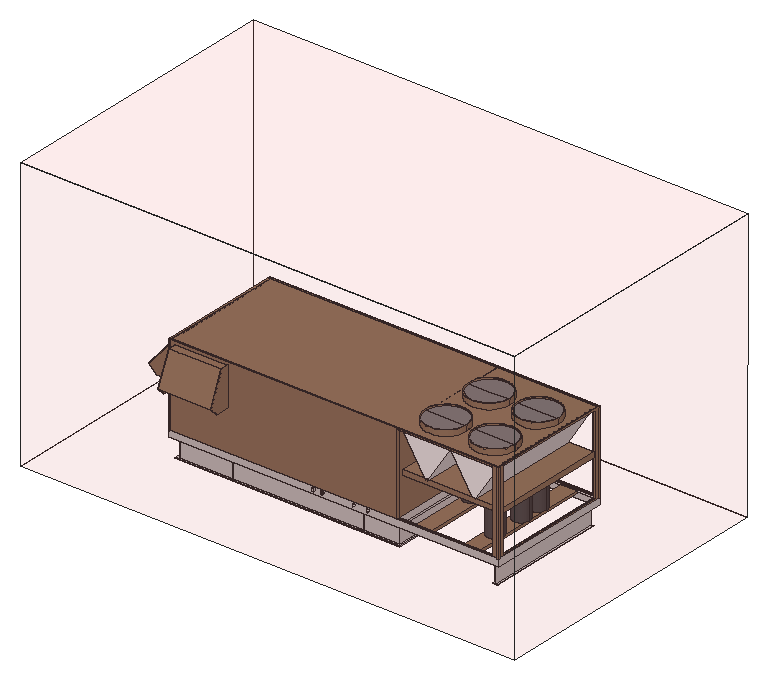
Revit family
Parameters (values of type "25 Ton - A - C - N - 208V")
  Width = 92"  # constant formula
  Voltage = 208 V
  URL = "www.johnsoncontrols.com"
  Temperature Rise Range [instance] = 0 °F
  Supply Fan HP = 0 VA
  Supply Fan Full Load Current = 0 A
  Supply Air Connection Width = 71 39/64"  # constant formula
  Supply Air Connection Height = 26"  # constant formula
  Supply Air Connection Description = "Supply Air"  # constant formula
  Steady State Efficiency [instance] = 0
  Static Resistance [instance] = -0.14
  Standard Capacity Evaporator [instance] = "12.3"
  Serial Number [instance] = ""
  Seasonal Energy Efficiency Rating [instance] = 0
  Right Detail Component Width = Width - 8"  # 84"
  Return Air Dry Bulb Temperature [instance] = 68 °F
  Return Air Connection Width = Curb Width - (Curb Thicknes * 2)  # 83"
  Return Air Connection Height = 38 151/256"  # constant formula
  Return Air Connection Description = "Return Air"  # constant formula
  Refrigerant Used = "R-410A"  # constant formula
  Refrigerant Charge System Two = 12.00 lbf
  Refrigerant Charge System Three = 10.00 lbf
  Refrigerant Charge System One = 12.00 lbf
  Refrigerant Charge System Four = 10.00 lbf
  Propane [instance] = not(Natural Gas)  # no
  Product Page URL = "http://www.johnsoncontrols.com/publish/us/en/products/building_efficiency/integrated_hvac_systems/Industrial___Commercial_HVAC_Equipment/single-package_units/series_40.html"
  Product Documentation Link = "http://www.johnsoncontrols.com/publish/etc/medialib/jci/be/commercial/products/industrial___commercial/single-package_units.Par.8585.File.dat/series%2040%20-V%20series.pdf"
  Power Factor = 1  # constant formula
  Power Exhaust Width = 59 133/256"  # constant formula
  Power Exhaust [instance] = no
  Power Convenience Outlet Description [instance] = if(Power Convenience Outlet, "Convenience Outlet Power", "Disable")  # "Convenience Outlet Power"
  Power Convenience Outlet [instance] = yes
  Power Connector Description = "Equipment Power"  # constant formula
  Outdoor Ambient Temperature [instance] = 75 °F
  Outdoor Air Wet Bulb Temperature [instance] = 57 °F
  Operating Weight = 4410.00 lbf
  OmniClass Title = "Packaged Rooftop Air Conditioning Units"  # constant formula
  OmniClass Number = "23.75.10.24.21.27.14"  # constant formula
  Number of Poles = 3
  Nominal Cooling Capacity = 25.0 ton
  Natural Gas [instance] = yes
  Model = "V32AN"
  Maximum Overcurrent Protection = 0 A
  Manufacturer = "Johnson Controls, Inc."  # constant formula
  Length = 240"  # constant formula
  Keynote = "15700"
  Integrated Part Load Value = 0
  Hot Gas By Pass [instance] = no
  Height = 64"  # constant formula
  Gas Heating Performance MBH Output = 560000 Btu/h
  Gas Heating Performance MBH Input = 466000 Btu/h
  Gas Heat Option = "N3"
  Gas Connector Offset Front Minimum [instance] = 12"  # constant formula
  Gas Connector Offset Front [instance] = 12"
  Gas Connector Description = "Supply Gas"  # constant formula
  Gas Connection Radius = Gas Connection Diameter / 2  # 1 13/16"
  Gas Connection Diameter = 3 5/8"  # constant formula
  Frame Material = Metal - JCI - Steel - Galvanized With Wood Nailer
  Frame Finish = Paint - JCI - Powder Coated - Champagne
  Filter Type = "2\" TA"
  Filter Size and Quantity = "4 / 16 x 25 & 6 / 20 x 25"  # constant formula
  Filter Face Area = 30.40 SF  # constant formula
  Family Revision Date = "06/18/2010"  # constant formula
  Exhaust Fan Type = "FC"  # constant formula
  Exhaust Fan Quantity = 1
  Exhaust Fan HP [instance] = 0 VA
  Exhaust Fan Drive = "Belt Drive"
  Exhaust Air Flow = 0 CFM
  Exhaust Air Blower Full Load Current [instance] = 0 A
  Evaporator Coil Row Count = 2
  Evaporator Coil Fins per Inch = 16  # constant formula
  Evaporator Coil Face Area = 26.00 SF
  Economizer Damper Hood Right [instance] = not(Economizer Damper Hood Left)  # yes
  Detail Component Screen Height = Height - 5 5/8"  # 58 3/8"
  External Static Pressure [instance] = 0.00 in-wg
  Energy Efficiency Rating = 10.5
  Economizer Damper Hood Left [instance] = no
  Design Supply Air Flow [instance] = 0 CFM
  Description = "Air Handling Unit, Commercial Comfort Systems, Series 40, Cooling And Gas Heating-Bottor Return And Bottom Supply - 25 to 40 Ton Unit"  # constant formula
  Curb Width = 87"  # constant formula
  Curb Thicknes = 2"  # constant formula
  Curb Metal Gauge = 1/8"  # constant formula
  Curb Length = 235"  # constant formula
  Curb Height [instance] = 14"
  Curb Material = Metal - JCI - Steel - Galvanized With Wood Nailer
  Curb Exists [instance] = yes
  Copyright © = "Copyright © 2001-2009 Johnson Controls"  # constant formula
  Convenience Outlet Voltage [instance] = if(Power Convenience Outlet, 115 V, 0 V)  # 115 V
  Convenience Outlet Full Load Current = 0 A
  Power Connection Radius = 1 1/4"  # constant formula
  Condenser Fan Quantity = 4
  Condenser Fan HP = 0 VA
  Condenser Fan Full Load Current = 0 A
  Condenser Fan Drive Type = "Belt Drive"
  Condenser Fan Diameter = 30"
  Condenser Coils Fins per Inch = 0
  Condenser Coil Rows = 0
  Condenser Coil Material = Metal - JCI - Aluminum - Perforated - Micro Channel
  Condensate Drain Flow [instance] = 0 GPM
  Condensate Drain Connection Radius = Condensate Drain Connection Diameter / 2  # 3/4"
  Condensate Drain Connection Diameter = 1 1/2"  # constant formula
  Condensate Drain Connection Description = "Condensate Drain"  # constant formula
  Compressor Type = "Scroll"  # constant formula
  Compressor Size = "5.7 Tons"
  Compressor Running Load Current = 0 A
  Compressor Quantity = 4
  Compressor Maximum Continuous Current = 0 A
  Compressor Material = Metal - JCI - Cast Iron - Coated Black
  Compressor Locked Rotor Current = 0 A
  Clearance Top = 120"
  Clearance Right = 60"
  Clearance Left = 60"
  Clearance Front = 60"
  Clearance Bottom [instance] = if(Curb Exists, CTRL Curb Height, 0")  # 14"
  Clearance Back = 60"
  Clearance [instance] = Include Clearance : Include Clearance
  CTRL Gas Connetor Offset Front [instance] = if(Gas Connector Offset Front < Gas Connector Offset Front Minimum, Gas Connector Offset Front Minimum, Gas Connector Offset Front)  # 12"
  CTRL Curb Height [instance] = if(Curb Exists, if(Curb Height < 9", 8", 14"), 0")  # 14"
  Assembly Code = "D3050200"
  Actual Supply Gas Connection Flow [instance] = 0 GPM
  Actual Supply Air Flow [instance] = 0 CFM
  Actual Return Air Flow [instance] = 0 CFM
Reference planes (in)
  plane 1 "Center (Front/Back)": y = 0
  plane 2 "Curb Bottom": z = 0
  plane 3 "Center (Left/Right)": x = 0
  plane 4 "Curb Left": x = -117.5
  plane 5 "Curb Right": x = 117.5
  plane 6 "Curb Front": y = -43.5
  plane 7 "Curb Back": y = 43.5
  plane 8 "Return Air Left": x = -115.5
  plane 9 "Right Rail Center L/R": x = 115.5
  plane 10 "Return Air Front": y = -41.5
  plane 11 "Return Air Back": y = 41.5
  plane 12 "Curb Top": z = 14
  plane 13 "Curb Top Offset": z = 12.5
  plane 14 "Return Air Right": x = -76.91016
  plane 15 "Return Air Right Inset": x = -74.91016
  plane 16 "Supply Air Left": x = 18.17984
  plane 17 "Supply Air Right'": x = 44.17984
  plane 18 "Supply Air Right Offset": x = 46.17984
  plane 19 "Supply Air Left Offset": x = 16.17984
  plane 20 "Supply Air Front": y = -30.10938
  plane 21 "Supply Air Front Offset": y = -32.10938
  plane 22 "Right Rail Left": x = 113.5
  plane 23 "Right": x = 120
  plane 24 "Left": x = -120
  plane 25 "Back": y = 46
  plane 26 "Front": y = -46
  plane 27 "Center of Drain Connection L/R": x = -39.07
  plane 28 "Top of Base": z = 18.625
  plane 29 "Drain Center T/B": z = 16.3125
  plane 30 "Drain Back": y = 47
  plane 31 "Flanged Drain Left": x = -42.195
  plane 32 "Flanged Drain Right": x = -35.945
  plane 33 "Center of Electrical Connection L/R": x = -8.5
  plane 34 "Center of Electrical Connection F/B": y = -39.54
  plane 35 "Center of Connection Holes T/B": z = 17.0625
  plane 36 "Supply Gas F/B": y = -34
  plane 37 "Gas Connection Right": x = 25.025
  plane 38 "Power Exhaust Bottom": z = 21.94
  plane 39 "Top": z = 78
  plane 40 "Top Inset": z = 77.5
  plane 41 "Center (Elevation)": z = 46
  plane 42 "Top of Economizer Rain Hood": z = 76
  plane 43 "Right Condenser Fans": x = 99.66996
  plane 44 "Center of Condenser Fans L/R": x = 81.83992
  plane 45 "Left Condenser Fans": x = 64.00988
  plane 46 "Rear Condenser Fans": y = 15.33333
  plane 47 "Front Condenser Fans": y = -23.97667
  plane 48 "Bottom of Mash": z = 19.125
  plane 49 "Power Convenience Outlet Center L/R": x = -14.5
  plane 50 "Power Convenience Outlet Right": x = -13.75
  plane 51 "Power Convenience Outlet Left": x = -15.25
  plane 52 "Power Convenience Outlet Bottom": z = 16.0625
  plane 53 "Power Convenience Outlet Top": z = 18.0625
  plane 54 "Power Convenience Outlet Front": y = -46.75
  plane 55 "Return Center": x = -96.20508
  plane 56 "Supply Center": x = 31.17984
  plane 57 "Supply Middle": y = 5.69519
Forms (in)
  Sweep 1, solid, material "Metal - JCI - Steel - Galvanized With Wood Nailer" <- "Curb Material", visible <- "Curb Exists", detail levels fine
    path origin (0, 0, 0) x (1, 0, 0) y (0, 1, 0)
      loop
        line (-115.5, 41.5) -> (-115.5, -41.5) -> (44.17984, -41.5) -> (44.17984, 41.5) -> (-115.5, 41.5)
    profile origin (-35.66008, 41.5, 0) x (0, 1, 0) y (0, 0, 1)
      loop
        line (0, 0) -> (2, 0) -> (2, 0.125) -> (0.125, 0.125) -> (0.125, 13.875) -> (1.875, 13.875) -> (1.875, 12.5) -> (2, 12.5) -> (2, 14) -> (0, 14) -> (0, 0)
  Extrusion 2, solid, material "Metal - JCI - Steel - Galvanized With Wood Nailer" <- "Curb Material", visible <- "Curb Exists", detail levels fine
    sketch origin (0, 0, 0) x (1, 0, 0) y (0, 0, 1)
      loop
        line (16.17984, 12.5) -> (16.30484, 12.5) -> (16.30484, 13.875) -> (18.05484, 13.875) -> (18.05484, 0.125) -> (16.17984, 0.125) -> (16.17984, 0) -> (18.17984, 0) -> (18.17984, 14) -> (16.17984, 14) -> (16.17984, 12.5)
      loop
        line (-74.91016, 12.5) -> (-74.91016, 14) -> (-76.91016, 14) -> (-76.91016, 0) -> (-74.91016, 0) -> (-74.91016, 0.125) -> (-76.78516, 0.125) -> (-76.78516, 13.875) -> (-75.03516, 13.875) -> (-75.03516, 12.5) -> (-74.91016, 12.5)
    from -41.5 to 41.5
  Extrusion 3, solid, material "Metal - JCI - Steel - Galvanized With Wood Nailer" <- "Curb Material", visible <- "Curb Exists", detail levels fine
    sketch origin (0, 0, 0) x (0, 1, 0) y (0, 0, 1)
      loop
        line (-32.10938, 0.125) -> (-32.10938, 0) -> (-30.10938, 0) -> (-30.10938, 14) -> (-32.10938, 14) -> (-32.10938, 12.5) -> (-31.98438, 12.5) -> (-31.98438, 13.875) -> (-30.23438, 13.875) -> (-30.23438, 0.125) -> (-32.10938, 0.125)
    from 18.17984 to 44.17984
  Extrusion 4, solid, material "Metal - JCI - Steel - Galvanized With Wood Nailer" <- "Curb Material", visible <- "Curb Exists", detail levels fine
    sketch origin (0, 0, 0) x (1, 0, 0) y (0, 0, 1)
      loop
        line (113.5, 0.125) -> (113.5, 0) -> (117.5, 0) -> (117.5, 0.125) -> (115.625, 0.125) -> (115.625, 13.875) -> (117.375, 13.875) -> (117.375, 12.5) -> (117.5, 12.5) -> (117.5, 14) -> (113.5, 14) -> (113.5, 12.5) -> (113.625, 12.5) -> (113.625, 13.875) -> (115.375, 13.875) -> (115.375, 0.125) -> (113.5, 0.125)
    from -43.5 to 43.5
  Extrusion 5, solid, material "Metal - JCI - Steel - Galvanized With Wood Nailer" <- "Curb Material", visible <- "Curb Exists", detail levels medium
    sketch origin (0, 0, 12.5) x (-1, 0, 0) y (0, -1, 0)
      loop
        line (117.5, -43.5) -> (117.5, 43.5) -> (-46.17984, 43.5) -> (-46.17984, -43.5) -> (117.5, -43.5)
      loop
        line (-113.5, -43.5) -> (-113.5, 43.5) -> (-117.5, 43.5) -> (-117.5, -43.5) -> (-113.5, -43.5)
      loop
        line (115.5, -41.5) -> (115.5, 41.5) -> (76.91016, 41.5) -> (76.91016, -41.5) -> (115.5, -41.5)
      loop
        line (-18.17984, -41.5) -> (-18.17984, 30.10938) -> (-44.17984, 30.10938) -> (-44.17984, -41.5) -> (-18.17984, -41.5)
    from -12.5 to 1.5
  Revolve 6, solid, material "Metal - JCI - Steel - Galvanized With Wood Nailer" <- "Curb Material", detail levels medium+fine
    sketch origin (0, 0, 16.3125) x (-1, 0, 0) y (0, -1, 0)
      loop
        line (39.07, -47) -> (39.07, -46) -> (38.32, -46) -> (38.32, -47) -> (39.07, -47)
      axis (39.07, -46) -> (39.07, -47)
    angle from 0 to 360
  Extrusion 7, solid, material "Metal - JCI - Steel - Galvanized With Wood Nailer" <- "Curb Material", detail levels medium+fine
    sketch origin (0, -43.5, 0) x (-1, 0, 0) y (0, 0, 1)
      loop
        line (42.195, 18.625) -> (35.945, 18.625) -> (35.945, 14) -> (42.195, 14) -> (42.195, 18.625)
      loop
        circle (39.07, 16.3125) r 0.75
    from 89.5 to 89.57955
  Extrusion 8, solid, material "Metal - JCI - Steel - Galvanized With Wood Nailer" <- "Frame Material", visible <- "Power Convenience Outlet", detail levels fine
    sketch origin (0, -43.5, 0) x (-1, 0, 0) y (0, 0, 1)
      loop
        circle (8.5, 17.0625) r 1.25
    from -2.5 to 3.96
  Extrusion 9, void
    sketch origin (0, 0, 16.3125) x (-1, 0, 0) y (0, -1, 0)
      loop
        line (-18.17984, -41.5) -> (-18.17984, 30.10938) -> (-44.17984, 30.10938) -> (-44.17984, -41.5) -> (-18.17984, -41.5)
    from -3.8125 to -2.3125
  Extrusion 10, void
    sketch origin (0, 0, 16.3125) x (-1, 0, 0) y (0, -1, 0)
      loop
        line (115.5, -41.5) -> (115.5, 41.5) -> (76.91016, 41.5) -> (76.91016, -41.5) -> (115.5, -41.5)
    from -3.8125 to -2.3125
  Extrusion 11, void
    sketch origin (0, 0, 16.3125) x (-1, 0, 0) y (0, -1, 0)
      loop
        circle (-25.025, 34) r 1.8125
    from -3.8125 to 2.3125
  Extrusion 12, solid, material "Metal - JCI - Steel - Galvanized With Wood Nailer" <- "Frame Material", visible <- "Power Convenience Outlet", detail levels medium+fine
    sketch origin (0, -46, 0) x (-1, 0, 0) y (0, 0, 1)
      loop
        line (15.25, 18.0625) -> (13.75, 18.0625) -> (13.75, 16.0625) -> (15.25, 16.0625) -> (15.25, 18.0625)
    from -0.75 to 0
Lines and regions (in)
  Masking region 1
    outline origin (0, 0, 0) x (1, 0, 0) y (0, 0, 1)
      loop
        line (113.5, 14) -> (113.5, 0) -> (117.5, 0) -> (117.5, 14) -> (113.5, 14)
      loop
        line (-117.5, 14) -> (-117.5, 0) -> (46.17984, 0) -> (46.17984, 14) -> (-117.5, 14)
  Masking region 2
    outline origin (0, 0, 0) x (0, 1, 0) y (0, 0, 1)
      loop
        line (-43.5, 14) -> (-43.5, 0) -> (43.5, 0) -> (43.5, 14) -> (-43.5, 14)
  Masking region 3, visible <- "Power Convenience Outlet", detail levels medium+fine
    outline origin (-14.5, 0, 0) x (0, -1, 0) y (0, 0, 1)
      loop
        line (46.75, 18.0625) -> (46, 18.0625) -> (46, 16.0625) -> (46.75, 16.0625) -> (46.75, 18.0625)
  Masking region 4, visible <- "Power Convenience Outlet"
    outline origin (0, -46, 0) x (-1, 0, 0) y (0, 0, 1)
      loop
        line (15.25, 18.0625) -> (13.75, 18.0625) -> (13.75, 16.0625) -> (15.25, 16.0625) -> (15.25, 18.0625)
  Masking region 5, visible <- "Power Convenience Outlet", detail levels medium+fine
    outline origin (0, 0, 17.0625) x (-1, 0, 0) y (0, -1, 0)
      loop
        line (15.25, 46) -> (15.25, 46.75) -> (13.75, 46.75) -> (13.75, 46) -> (15.25, 46)
  Masking region 6, detail levels medium+fine
    outline origin (-39.07, 0, 0) x (0, -1, 0) y (0, 0, 1)
      loop
        line (-46, 17.0625) -> (-47, 17.0625) -> (-47, 15.5625) -> (-46, 15.5625) -> (-46, 17.0625)
  Masking region 7, detail levels medium+fine
    outline origin (0, 0, 17.0625) x (-1, 0, 0) y (0, -1, 0)
      loop
        line (39.82, -47) -> (39.82, -46) -> (38.32, -46) -> (38.32, -47) -> (39.82, -47)
  model lines, style "Roof Curv", visible <- "Curb Exists", detail levels coarse
    curve 1: line (-117.5, 43.5, 0) -> (46.17984, 43.5, 0)
    curve 2: line (-117.5, 43.5, 0) -> (-117.5, -43.5, 0)
    curve 3: line (-117.5, -43.5, 0) -> (46.17984, -43.5, 0)
    curve 4: line (46.17984, 43.5, 0) -> (46.17984, -43.5, 0)
    curve 5: line (115.5, 43.5, 0) -> (115.5, -43.5, 0)
    curve 6: line (-117.5, 43.5, 14) -> (46.17984, 43.5, 14)
    curve 7: line (-117.5, -43.5, 14) -> (46.17984, -43.5, 14)
    curve 8: line (46.17984, 43.5, 14) -> (46.17984, -43.5, 14)
    curve 9: line (-117.5, 43.5, 14) -> (-117.5, -43.5, 14)
    curve 10: line (115.5, 43.5, 14) -> (115.5, -43.5, 14)
    curve 11: line (113.5, -43.5, 14) -> (117.5, -43.5, 14)
    curve 12: line (113.5, 43.5, 14) -> (117.5, 43.5, 14)
    curve 13: line (113.5, 43.5, 0) -> (117.5, 43.5, 0)
    curve 14: line (113.5, -43.5, 0) -> (117.5, -43.5, 0)
    curve 15: line (117.5, 43.5, 14) -> (117.5, 43.5, 12.5)
    curve 16: line (113.5, 43.5, 14) -> (113.5, 43.5, 12.5)
    curve 17: line (115.5, 43.5, 14) -> (115.5, 43.5, 0)
    curve 18: line (113.5, -43.5, 14) -> (113.5, -43.5, 12.5)
    curve 19: line (117.5, -43.5, 14) -> (117.5, -43.5, 12.5)
    curve 20: line (115.5, -43.5, 14) -> (115.5, -43.5, 0)
    curve 21: line (113.5, 43.5, 0) -> (113.5, -43.5, 0)
    curve 22: line (117.5, 43.5, 0) -> (117.5, -43.5, 0)
    curve 23: line (113.5, 43.5, 14) -> (113.5, -43.5, 14)
    curve 24: line (117.5, 43.5, 14) -> (117.5, -43.5, 14)
    curve 25: line (117.5, 43.5, 12.5) -> (117.5, -43.5, 12.5)
    curve 26: line (113.5, -43.5, 12.5) -> (113.5, 43.5, 12.5)
    curve 27: line (44.17984, 41.5, 14) -> (44.17984, 41.5, 0)
    curve 28: line (-115.5, 41.5, 14) -> (-115.5, 41.5, 0)
    curve 29: line (-115.5, -41.5, 14) -> (-115.5, -41.5, 0)
    curve 30: line (44.17984, -41.5, 14) -> (44.17984, -41.5, 0)
    curve 31: line (-115.5, 41.5, 0) -> (44.17984, 41.5, 0)
    curve 32: line (-115.5, -41.5, 0) -> (44.17984, -41.5, 0)
    curve 33: line (44.17984, 41.5, 0) -> (44.17984, -41.5, 0)
    curve 34: line (-115.5, 41.5, 0) -> (-115.5, -41.5, 0)
    curve 35: line (-115.5, 41.5, 14) -> (44.17984, 41.5, 14)
    curve 36: line (44.17984, 41.5, 14) -> (44.17984, -41.5, 14)
    curve 37: line (44.17984, -41.5, 14) -> (-115.5, -41.5, 14)
    curve 38: line (-115.5, -41.5, 14) -> (-115.5, 41.5, 14)
    curve 39: line (-117.5, 43.5, 14) -> (-115.5, 41.5, 14)
    curve 40: line (-117.5, -43.5, 14) -> (-115.5, -41.5, 14)
    curve 41: line (44.17984, -41.5, 14) -> (46.17984, -43.5, 14)
    curve 42: line (44.17984, 41.5, 14) -> (46.17984, 43.5, 14)
    curve 43: line (44.17984, 41.5, 0) -> (46.17984, 43.5, 0)
    curve 44: line (44.17984, -41.5, 0) -> (46.17984, -43.5, 0)
    curve 45: line (-115.5, -41.5, 0) -> (-117.5, -43.5, 0)
    curve 46: line (-115.5, 41.5, 0) -> (-117.5, 43.5, 0)
    curve 47: line (-117.5, 43.5, 14) -> (-117.5, 43.5, 12.5)
    curve 48: line (46.17984, 43.5, 14) -> (46.17984, 43.5, 12.5)
    curve 49: line (-117.5, -43.5, 14) -> (-117.5, -43.5, 12.5)
    curve 50: line (46.17984, -43.5, 14) -> (46.17984, -43.5, 12.5)
    curve 51: line (-117.5, 43.5, 12.5) -> (46.17984, 43.5, 12.5)
    curve 52: line (-117.5, -43.5, 12.5) -> (-117.5, 43.5, 12.5)
    curve 53: line (46.17984, -43.5, 12.5) -> (-117.5, -43.5, 12.5)
    curve 54: line (46.17984, 43.5, 12.5) -> (46.17984, -43.5, 12.5)
  model lines, style "Roof Curv", detail levels coarse
    curve 55: line (-39.07, 46, 16.3125) -> (-39.07, 47, 16.3125)
  symbolic lines, style "Roof Curv", detail levels coarse
    curve 56: line (-39.07, 46, 16.3125) -> (-39.07, 47, 16.3125)
    curve 57: line (-39.07, 46, 16.3125) -> (-39.07, 47, 16.3125)
  model lines, style "Duct Connector", detail levels coarse
    curve 58: line (-115.5, 41.5, 12.5) -> (-76.91016, 41.5, 12.5)
    curve 59: line (-115.5, 41.5, 12.5) -> (-115.5, -41.5, 12.5)
    curve 60: line (-76.91016, 41.5, 12.5) -> (-76.91016, -41.5, 12.5)
    curve 61: line (-115.5, -41.5, 12.5) -> (-76.91016, -41.5, 12.5)
  model lines, style "Frame Unit", visible <- "Power Convenience Outlet", detail levels coarse
    curve 62: line (-14.5, -46.75, 17.0625) -> (-14.5, -46, 17.0625)
  symbolic lines, style "Frame Unit", visible <- "Power Convenience Outlet", detail levels coarse
    curve 63: line (-14.5, -46.75, 17.0625) -> (-14.5, -46, 17.0625)
    curve 68: line (-14.5, -46, 17.0625) -> (-14.5, -46.75, 17.0625)
  model lines, style "Frame Unit", detail levels coarse
    curve 64: line (-15.25, -46, 18.0625) -> (-13.75, -46, 18.0625)
    curve 65: line (-13.75, -46, 18.0625) -> (-13.75, -46, 16.0625)
    curve 66: line (-13.75, -46, 16.0625) -> (-15.25, -46, 16.0625)
    curve 67: line (-15.25, -46, 16.0625) -> (-15.25, -46, 18.0625)
Dimensions and locks (in)
  "Curb Thicknes": plane 9 "Right Rail Center L/R" to plane 5 "Curb Right"
  "Curb Thicknes": plane 4 "Curb Left" to plane 8 "Return Air Left"
  "Curb Height": plane 12 "Curb Top" to plane 2 "Curb Bottom"
  locked: plane 12 "Curb Top" to plane 13 "Curb Top Offset" at 1.5
  "Curb Metal Gauge": Sweep 1 sketch curve to plane 7 "Curb Back"
  "Curb Metal Gauge": plane 12 "Curb Top" to Sweep 1 sketch curve
  "Curb Metal Gauge": plane 11 "Return Air Back" to Sweep 1 sketch curve
  "Curb Metal Gauge": Sweep 1 sketch curve to plane 2 "Curb Bottom"
  "Curb Thicknes": plane 14 "Return Air Right" to plane 15 "Return Air Right Inset"
  "Return Air Connection Height": plane 8 "Return Air Left" to plane 14 "Return Air Right"
  "Supply Air Connection Height": plane 16 "Supply Air Left" to plane 17 "Supply Air Right'"
  "Curb Thicknes": plane 17 "Supply Air Right'" to plane 18 "Supply Air Right Offset"
  "Curb Thicknes": plane 19 "Supply Air Left Offset" to plane 16 "Supply Air Left"
  "Curb Metal Gauge": plane 14 "Return Air Right" to Extrusion 2 sketch curve
  "Curb Metal Gauge": Extrusion 2 sketch curve to plane 2 "Curb Bottom"  (x2)
  "Curb Metal Gauge": Extrusion 2 sketch curve to plane 15 "Return Air Right Inset"
  "Curb Metal Gauge": plane 12 "Curb Top" to Extrusion 2 sketch curve  (x2)
  "Curb Metal Gauge": plane 19 "Supply Air Left Offset" to Extrusion 2 sketch curve
  "Curb Metal Gauge": Extrusion 2 sketch curve to plane 16 "Supply Air Left"
  "Supply Air Connection Width": plane 20 "Supply Air Front" to plane 11 "Return Air Back"
  "Curb Thicknes": plane 20 "Supply Air Front" to plane 21 "Supply Air Front Offset"
  "Curb Metal Gauge": Extrusion 3 sketch curve to plane 20 "Supply Air Front"
  "Curb Metal Gauge": plane 21 "Supply Air Front Offset" to Extrusion 3 sketch curve
  "Curb Metal Gauge": plane 12 "Curb Top" to Extrusion 3 sketch curve
  "Curb Metal Gauge": Extrusion 3 sketch curve to plane 2 "Curb Bottom"
  "Curb Thicknes": plane 22 "Right Rail Left" to plane 9 "Right Rail Center L/R"
  "Curb Metal Gauge": plane 12 "Curb Top" to Extrusion 4 sketch curve
  "Curb Metal Gauge": Extrusion 4 sketch curve to plane 5 "Curb Right"
  "Curb Metal Gauge": Extrusion 4 sketch curve to plane 2 "Curb Bottom"
  "Curb Metal Gauge": Extrusion 4 sketch curve to plane 9 "Right Rail Center L/R"
  "Curb Metal Gauge": plane 9 "Right Rail Center L/R" to Extrusion 4 sketch curve
  "Curb Metal Gauge": Extrusion 4 sketch curve to plane 22 "Right Rail Left"
  equal spacing: plane 24 "Left", plane 3 "Center (Left/Right)", plane 23 "Right"
  "Length": plane 24 "Left" to plane 23 "Right"
  equal spacing: plane 25 "Back", plane 1 "Center (Front/Back)", plane 26 "Front"
  "Width": plane 25 "Back" to plane 26 "Front"
  locked: plane 7 "Curb Back" to plane 25 "Back" at 2.5
  locked: plane 6 "Curb Front" to plane 26 "Front" at 2.5
  "Curb Thicknes": plane 10 "Return Air Front" to plane 6 "Curb Front"
  "Curb Thicknes": plane 11 "Return Air Back" to plane 7 "Curb Back"
  locked: plane 5 "Curb Right" to plane 23 "Right" at 2.5
  locked: plane 24 "Left" to plane 4 "Curb Left" at 2.5
  locked: plane 24 "Left" to plane 27 "Center of Drain Connection L/R" at 80.93
  locked: plane 28 "Top of Base" to plane 12 "Curb Top" at 4.625
  equal spacing: plane 28 "Top of Base", plane 29 "Drain Center T/B", plane 12 "Curb Top"
  "Condensate Drain Connection Radius": Revolve 6 sketch curve to Revolve 6 sketch curve
  locked: plane 25 "Back" to plane 30 "Drain Back" at 1
  equal spacing: plane 32 "Flanged Drain Right", plane 27 "Center of Drain Connection L/R", plane 31 "Flanged Drain Left"
  locked: plane 32 "Flanged Drain Right" to plane 31 "Flanged Drain Left" at 6.25
  "Condensate Drain Connection Radius": Extrusion 7 sketch curve to plane 29 "Drain Center T/B"
  "Condensate Drain Connection Radius": plane 27 "Center of Drain Connection L/R" to Extrusion 7 sketch curve
  locked: plane 25 "Back" to Extrusion 7 at 0.07955
  locked: plane 33 "Center of Electrical Connection L/R" to plane 23 "Right" at 128.5
  locked: plane 34 "Center of Electrical Connection F/B" to plane 26 "Front" at 6.46
  locked: plane 35 "Center of Connection Holes T/B" to plane 12 "Curb Top" at 3.0625
  "Power Connection Radius": plane 33 "Center of Electrical Connection L/R" to Extrusion 8 sketch curve
  "Power Connection Radius": plane 35 "Center of Connection Holes T/B" to Extrusion 8 sketch curve
  "CTRL Gas Connetor Offset Front": plane 36 "Supply Gas F/B" to plane 26 "Front"
  locked: plane 37 "Gas Connection Right" to plane 23 "Right" at 94.975
  "Gas Connection Radius": plane 37 "Gas Connection Right" to Extrusion 11 sketch curve
  "Gas Connection Radius": plane 36 "Supply Gas F/B" to Extrusion 11 sketch curve
  locked: plane 17 "Supply Air Right'" to plane 23 "Right" at 75.82016
  locked: plane 38 "Power Exhaust Bottom" to plane 12 "Curb Top" at 7.94
  locked: plane 39 "Top" to plane 40 "Top Inset" at 0.5
  "Height": plane 39 "Top" to plane 12 "Curb Top"
  equal spacing: plane 39 "Top", plane 41 "Center (Elevation)", plane 12 "Curb Top"
  locked: plane 39 "Top" to plane 42 "Top of Economizer Rain Hood" at 2
  equal spacing: plane 18 "Supply Air Right Offset", plane 45 "Left Condenser Fans", plane 44 "Center of Condenser Fans L/R", plane 43 "Right Condenser Fans", plane 5 "Curb Right"
  locked: plane 46 "Rear Condenser Fans" to plane 47 "Front Condenser Fans" at 39.31
  locked: plane 46 "Rear Condenser Fans" to plane 25 "Back" at 30.66667
  plane 9 "Right Rail Center L/R" to plane 18 "Supply Air Right Offset" = 69.32016"
  locked: plane 48 "Bottom of Mash" to plane 28 "Top of Base" at 0.5
  locked: plane 49 "Power Convenience Outlet Center L/R" to plane 33 "Center of Electrical Connection L/R" at 6
  equal spacing: plane 50 "Power Convenience Outlet Right", plane 49 "Power Convenience Outlet Center L/R", plane 51 "Power Convenience Outlet Left"
  locked: plane 50 "Power Convenience Outlet Right" to plane 51 "Power Convenience Outlet Left" at 1.5
  equal spacing: plane 53 "Power Convenience Outlet Top", plane 35 "Center of Connection Holes T/B", plane 52 "Power Convenience Outlet Bottom"
  locked: plane 53 "Power Convenience Outlet Top" to plane 52 "Power Convenience Outlet Bottom" at 2
  locked: plane 54 "Power Convenience Outlet Front" to plane 26 "Front" at 0.75
  "Condensate Drain Connection Radius": plane 29 "Drain Center T/B" to Masking region 6 sketch curve
  "Condensate Drain Connection Radius": Masking region 6 sketch curve to plane 29 "Drain Center T/B"
  "Condensate Drain Connection Radius": plane 27 "Center of Drain Connection L/R" to Masking region 7 sketch curve
  "Condensate Drain Connection Radius": Masking region 7 sketch curve to plane 27 "Center of Drain Connection L/R"
  "Power Connection Radius": radius of Extrusion 8 sketch curve
  "Gas Connection Radius": radius of Extrusion 11 sketch curve
  "Condensate Drain Connection Radius": radius of Extrusion 7 sketch curve
  aligned and locked: plane 2 "Curb Bottom" to level
  aligned and locked: Sweep 1 sketch curve to plane 11 "Return Air Back"
  aligned and locked: Sweep 1 sketch curve to plane 12 "Curb Top"
  aligned and locked: plane 13 "Curb Top Offset" to Sweep 1 sketch curve
  aligned and locked: plane 11 "Return Air Back" to Sweep 1 sketch curve
  aligned and locked: plane 10 "Return Air Front" to Sweep 1 sketch curve
  aligned and locked: Sweep 1 sketch curve to plane 8 "Return Air Left"
  aligned and locked: plane 7 "Curb Back" to Sweep 1 sketch curve
  aligned and locked: Sweep 1 sketch curve to plane 2 "Curb Bottom"
  aligned and locked: plane 17 "Supply Air Right'" to Sweep 1 sketch curve
  aligned and locked: plane 16 "Supply Air Left" to Extrusion 2 sketch curve
  aligned and locked: Extrusion 2 sketch curve to plane 19 "Supply Air Left Offset"  (x2)
  aligned and locked: Extrusion 2 sketch curve to plane 12 "Curb Top"
  aligned and locked: plane 2 "Curb Bottom" to Extrusion 2 sketch curve
  aligned and locked: Extrusion 2 sketch curve to plane 15 "Return Air Right Inset"  (x2)
  aligned and locked: plane 14 "Return Air Right" to Extrusion 2 sketch curve
  aligned and locked: plane 12 "Curb Top" to Extrusion 2 sketch curve
  aligned and locked: Extrusion 2 sketch curve to plane 2 "Curb Bottom"
  aligned and locked: Extrusion 2 to plane 11 "Return Air Back"
  aligned and locked: Extrusion 2 to plane 10 "Return Air Front"
  aligned and locked: Extrusion 2 sketch curve to plane 13 "Curb Top Offset"
  aligned and locked: plane 13 "Curb Top Offset" to Extrusion 2 sketch curve
  aligned and locked: Extrusion 3 sketch curve to plane 12 "Curb Top"
  aligned and locked: plane 2 "Curb Bottom" to Extrusion 3 sketch curve
  aligned and locked: Extrusion 3 sketch curve to plane 20 "Supply Air Front"
  aligned and locked: plane 21 "Supply Air Front Offset" to Extrusion 3 sketch curve  (x2)
  aligned and locked: plane 13 "Curb Top Offset" to Extrusion 3 sketch curve
  aligned and locked: plane 16 "Supply Air Left" to Extrusion 3
  aligned and locked: Extrusion 3 to plane 17 "Supply Air Right'"
  aligned and locked: Extrusion 4 sketch curve to plane 12 "Curb Top"
  aligned and locked: plane 22 "Right Rail Left" to Extrusion 4 sketch curve  (x2)
  aligned and locked: plane 13 "Curb Top Offset" to Extrusion 4 sketch curve  (x2)
  aligned and locked: plane 5 "Curb Right" to Extrusion 4 sketch curve  (x2)
  aligned and locked: plane 2 "Curb Bottom" to Extrusion 4 sketch curve
  aligned and locked: Extrusion 4 sketch curve to Extrusion 4 sketch curve  (x2)
  aligned and locked: Extrusion 4 to plane 7 "Curb Back"
  aligned and locked: Extrusion 4 to plane 6 "Curb Front"
  aligned and locked: plane 6 "Curb Front" to curve 4
  aligned and locked: plane 7 "Curb Back" to curve 5
  aligned and locked: plane 6 "Curb Front" to curve 5
  aligned and locked: curve 5 to plane 9 "Right Rail Center L/R"
  aligned and locked: plane 18 "Supply Air Right Offset" to curve 1
  aligned and locked: plane 4 "Curb Left" to curve 3
  aligned and locked: curve 3 to plane 6 "Curb Front"
  aligned and locked: plane 4 "Curb Left" to curve 9
  aligned and locked: plane 18 "Supply Air Right Offset" to curve 7
  aligned and locked: plane 22 "Right Rail Left" to curve 11
  aligned and locked: plane 22 "Right Rail Left" to curve 14
  aligned and locked: plane 5 "Curb Right" to curve 11
  aligned and locked: plane 5 "Curb Right" to curve 14
  aligned and locked: curve 11 to plane 6 "Curb Front"
  aligned and locked: curve 14 to plane 6 "Curb Front"
  aligned and locked: plane 18 "Supply Air Right Offset" to curve 8
  aligned and locked: plane 7 "Curb Back" to curve 10
  aligned and locked: curve 10 to plane 9 "Right Rail Center L/R"
  aligned and locked: plane 5 "Curb Right" to curve 13
  aligned and locked: plane 22 "Right Rail Left" to curve 12
  aligned and locked: plane 22 "Right Rail Left" to curve 13
  aligned and locked: plane 7 "Curb Back" to curve 12
  aligned and locked: plane 7 "Curb Back" to curve 13
  aligned and locked: plane 4 "Curb Left" to curve 6
  aligned and locked: plane 4 "Curb Left" to curve 1
  aligned and locked: plane 18 "Supply Air Right Offset" to curve 6
  aligned and locked: plane 6 "Curb Front" to curve 9
  aligned and locked: plane 6 "Curb Front" to curve 2
  aligned and locked: plane 12 "Curb Top" to curve 18
  aligned and locked: plane 12 "Curb Top" to curve 16
  aligned and locked: plane 12 "Curb Top" to curve 20
  aligned and locked: plane 12 "Curb Top" to curve 17
  aligned and locked: plane 12 "Curb Top" to curve 15
  aligned and locked: plane 12 "Curb Top" to curve 19
  aligned and locked: plane 13 "Curb Top Offset" to curve 18
  aligned and locked: plane 13 "Curb Top Offset" to curve 16
  aligned and locked: plane 13 "Curb Top Offset" to curve 15
  aligned and locked: plane 13 "Curb Top Offset" to curve 19
  aligned and locked: plane 2 "Curb Bottom" to curve 20
  aligned and locked: plane 2 "Curb Bottom" to curve 17
  aligned and locked: curve 16 to plane 22 "Right Rail Left"
  aligned and locked: curve 18 to plane 22 "Right Rail Left"
  aligned and locked: plane 5 "Curb Right" to curve 15
  aligned and locked: plane 5 "Curb Right" to curve 19
  aligned and locked: curve 17 to plane 9 "Right Rail Center L/R"
  aligned and locked: curve 20 to plane 9 "Right Rail Center L/R"
  aligned and locked: plane 5 "Curb Right" to curve 24
  aligned and locked: plane 7 "Curb Back" to curve 24
  aligned and locked: plane 7 "Curb Back" to curve 23
  aligned and locked: plane 7 "Curb Back" to curve 22
  aligned and locked: plane 7 "Curb Back" to curve 21
  aligned and locked: plane 6 "Curb Front" to curve 23
  aligned and locked: plane 6 "Curb Front" to curve 24
  aligned and locked: plane 6 "Curb Front" to curve 21
  aligned and locked: plane 6 "Curb Front" to curve 22
  aligned and locked: plane 7 "Curb Back" to curve 25
  aligned and locked: plane 7 "Curb Back" to curve 26
  aligned and locked: plane 6 "Curb Front" to curve 25
  aligned and locked: plane 5 "Curb Right" to curve 25
  aligned and locked: plane 22 "Right Rail Left" to curve 26
  aligned and locked: plane 12 "Curb Top" to curve 30
  aligned and locked: plane 12 "Curb Top" to curve 27
  aligned and locked: plane 12 "Curb Top" to curve 28
  aligned and locked: plane 12 "Curb Top" to curve 29
  aligned and locked: plane 2 "Curb Bottom" to curve 29
  aligned and locked: plane 2 "Curb Bottom" to curve 28
  aligned and locked: plane 2 "Curb Bottom" to curve 30
  aligned and locked: plane 2 "Curb Bottom" to curve 27
  aligned and locked: plane 17 "Supply Air Right'" to curve 27
  aligned and locked: plane 17 "Supply Air Right'" to curve 30
  aligned and locked: plane 8 "Return Air Left" to curve 28
  aligned and locked: plane 8 "Return Air Left" to curve 29
  aligned and locked: plane 8 "Return Air Left" to curve 31
  aligned and locked: plane 17 "Supply Air Right'" to curve 35
  aligned and locked: plane 10 "Return Air Front" to curve 36
  aligned and locked: plane 10 "Return Air Front" to curve 33
  aligned and locked: plane 17 "Supply Air Right'" to curve 33
  aligned and locked: curve 32 to plane 10 "Return Air Front"
  aligned and locked: plane 8 "Return Air Left" to curve 32
  aligned and locked: plane 10 "Return Air Front" to curve 38
  aligned and locked: curve 38 to plane 8 "Return Air Left"
  aligned and locked: plane 11 "Return Air Back" to curve 31
  aligned and locked: plane 11 "Return Air Back" to curve 35
  aligned and locked: plane 8 "Return Air Left" to curve 39
  aligned and locked: plane 7 "Curb Back" to curve 39
  aligned and locked: plane 11 "Return Air Back" to curve 42
  aligned and locked: plane 7 "Curb Back" to curve 42
  aligned and locked: plane 7 "Curb Back" to curve 43
  aligned and locked: plane 11 "Return Air Back" to curve 43
  aligned and locked: plane 18 "Supply Air Right Offset" to curve 44
  aligned and locked: plane 17 "Supply Air Right'" to curve 44
  aligned and locked: plane 17 "Supply Air Right'" to curve 41
  aligned and locked: plane 4 "Curb Left" to curve 40
  aligned and locked: plane 6 "Curb Front" to curve 40
  aligned and locked: curve 46 to curve 39
  aligned and locked: plane 7 "Curb Back" to curve 46
  aligned and locked: plane 6 "Curb Front" to curve 41
  aligned and locked: plane 13 "Curb Top Offset" to curve 47
  aligned and locked: plane 13 "Curb Top Offset" to curve 49
  aligned and locked: plane 12 "Curb Top" to curve 47
  aligned and locked: plane 12 "Curb Top" to curve 49
  aligned and locked: plane 4 "Curb Left" to curve 47
  aligned and locked: plane 4 "Curb Left" to curve 49
  aligned and locked: plane 13 "Curb Top Offset" to curve 48
  aligned and locked: plane 13 "Curb Top Offset" to curve 50
  aligned and locked: plane 12 "Curb Top" to curve 50
  aligned and locked: plane 12 "Curb Top" to curve 48
  aligned and locked: plane 18 "Supply Air Right Offset" to curve 48
  aligned and locked: plane 18 "Supply Air Right Offset" to curve 50
  aligned and locked: plane 18 "Supply Air Right Offset" to curve 54
  aligned and locked: plane 7 "Curb Back" to curve 51
  aligned and locked: plane 7 "Curb Back" to curve 54
  aligned and locked: plane 6 "Curb Front" to curve 54
  aligned and locked: plane 18 "Supply Air Right Offset" to curve 53
  aligned and locked: plane 6 "Curb Front" to curve 52
  aligned and locked: plane 4 "Curb Left" to curve 53
  aligned and locked: plane 4 "Curb Left" to curve 51
  aligned and locked: plane 18 "Supply Air Right Offset" to curve 51
  aligned and locked: plane 7 "Curb Back" to curve 52
  aligned and locked: plane 7 "Curb Back" to Extrusion 5 sketch curve  (x2)
  aligned and locked: Extrusion 5 sketch curve to plane 4 "Curb Left"
  aligned and locked: plane 6 "Curb Front" to Extrusion 5 sketch curve  (x2)
  aligned and locked: plane 18 "Supply Air Right Offset" to Extrusion 5 sketch curve
  aligned and locked: plane 22 "Right Rail Left" to Extrusion 5 sketch curve
  aligned and locked: plane 5 "Curb Right" to Extrusion 5 sketch curve
  aligned and locked: Extrusion 5 to plane 2 "Curb Bottom"
  aligned and locked: plane 12 "Curb Top" to Extrusion 5
  aligned and locked: Revolve 6 sketch curve to plane 27 "Center of Drain Connection L/R"
  aligned and locked: Revolve 6 sketch curve to plane 25 "Back"
  aligned and locked: Revolve 6 sketch curve to Revolve 6 sketch curve
  aligned and locked: plane 30 "Drain Back" to Revolve 6 sketch curve
  aligned and locked: plane 25 "Back" to curve 55
  aligned and locked: plane 30 "Drain Back" to curve 55
  aligned and locked: plane 27 "Center of Drain Connection L/R" to curve 55
  aligned and locked: plane 30 "Drain Back" to curve 56
  aligned and locked: plane 25 "Back" to curve 56
  aligned and locked: plane 27 "Center of Drain Connection L/R" to curve 56
  aligned and locked: plane 30 "Drain Back" to curve 57
  aligned and locked: plane 25 "Back" to curve 57
  aligned and locked: curve 57 to plane 29 "Drain Center T/B"
  aligned and locked: plane 32 "Flanged Drain Right" to Extrusion 7 sketch curve
  aligned and locked: plane 12 "Curb Top" to Extrusion 7 sketch curve
  aligned and locked: plane 31 "Flanged Drain Left" to Extrusion 7 sketch curve
  aligned and locked: Extrusion 7 sketch curve to plane 28 "Top of Base"
  aligned and locked: plane 25 "Back" to Extrusion 7
  aligned and locked: plane 34 "Center of Electrical Connection F/B" to Extrusion 8
  aligned and locked: Extrusion 8 to plane 26 "Front"
  aligned and locked: plane 1 "Center (Front/Back)" to nested 1
  aligned and locked: plane 12 "Curb Top" to nested 1
  aligned and locked: plane 3 "Center (Left/Right)" to nested 1
  aligned and locked: Masking region 1 sketch curve to plane 12 "Curb Top"  (x2)
  aligned and locked: Masking region 1 sketch curve to plane 4 "Curb Left"
  aligned and locked: plane 2 "Curb Bottom" to Masking region 1 sketch curve  (x2)
  aligned and locked: plane 18 "Supply Air Right Offset" to Masking region 1 sketch curve
  aligned and locked: plane 5 "Curb Right" to Masking region 1 sketch curve
  aligned and locked: plane 22 "Right Rail Left" to Masking region 1 sketch curve
  aligned and locked: Masking region 2 sketch curve to plane 12 "Curb Top"
  aligned and locked: plane 7 "Curb Back" to Masking region 2 sketch curve
  aligned and locked: plane 2 "Curb Bottom" to Masking region 2 sketch curve
  aligned and locked: plane 6 "Curb Front" to Masking region 2 sketch curve
  aligned and locked: plane 11 "Return Air Back" to Extrusion 9 sketch curve
  aligned and locked: Extrusion 9 sketch curve to plane 16 "Supply Air Left"
  aligned and locked: plane 17 "Supply Air Right'" to Extrusion 9 sketch curve
  aligned and locked: plane 20 "Supply Air Front" to Extrusion 9 sketch curve
  aligned and locked: plane 12 "Curb Top" to Extrusion 9
  aligned and locked: plane 11 "Return Air Back" to Extrusion 10 sketch curve
  aligned and locked: plane 14 "Return Air Right" to Extrusion 10 sketch curve
  aligned and locked: plane 10 "Return Air Front" to Extrusion 10 sketch curve
  aligned and locked: Extrusion 10 sketch curve to plane 8 "Return Air Left"
  aligned and locked: plane 12 "Curb Top" to Extrusion 10
  aligned and locked: Extrusion 10 to plane 13 "Curb Top Offset"
  aligned and locked: Extrusion 9 to plane 13 "Curb Top Offset"
  aligned and locked: Extrusion 11 to plane 13 "Curb Top Offset"
  aligned and locked: plane 28 "Top of Base" to Extrusion 11
  aligned and locked: plane 1 "Center (Front/Back)" to nested 2
  aligned and locked: plane 3 "Center (Left/Right)" to nested 2
  aligned and locked: plane 12 "Curb Top" to nested 2
  aligned and locked: plane 11 "Return Air Back" to curve 58
  aligned and locked: plane 14 "Return Air Right" to curve 61
  aligned and locked: plane 10 "Return Air Front" to curve 60
  aligned and locked: plane 8 "Return Air Left" to curve 61
  aligned and locked: curve 61 to plane 10 "Return Air Front"
  aligned and locked: plane 14 "Return Air Right" to curve 58
  aligned and locked: plane 10 "Return Air Front" to curve 59
  aligned and locked: plane 8 "Return Air Left" to curve 58
  aligned and locked: plane 11 "Return Air Back" to curve 59
  aligned and locked: plane 11 "Return Air Back" to curve 60
  aligned and locked: curve 59 to curve 61
  aligned and locked: plane 11 "Return Air Back" to Extrusion 5 sketch curve  (x2)
  aligned and locked: Extrusion 5 sketch curve to plane 8 "Return Air Left"
  aligned and locked: plane 14 "Return Air Right" to Extrusion 5 sketch curve
  aligned and locked: plane 10 "Return Air Front" to Extrusion 5 sketch curve
  aligned and locked: Extrusion 5 sketch curve to plane 16 "Supply Air Left"
  aligned and locked: plane 17 "Supply Air Right'" to Extrusion 5 sketch curve
  aligned and locked: plane 20 "Supply Air Front" to Extrusion 5 sketch curve
  aligned and locked: plane 1 "Center (Front/Back)" to nested 3
  aligned and locked: plane 40 "Top Inset" to nested 3
  aligned and locked: nested 4 to plane 8 "Return Air Left"
  aligned and locked: nested 4 to plane 25 "Back"
  aligned and locked: nested 5 to plane 8 "Return Air Left"
  aligned and locked: nested 5 to plane 26 "Front"
  aligned and locked: plane 42 "Top of Economizer Rain Hood" to nested 5
  aligned and locked: plane 42 "Top of Economizer Rain Hood" to nested 4
  aligned and locked: plane 42 "Top of Economizer Rain Hood" to nested 6
  aligned and locked: plane 1 "Center (Front/Back)" to nested 6
  aligned and locked: nested 6 to plane 24 "Left"
  aligned and locked: plane 1 "Center (Front/Back)" to nested 8
  aligned and locked: plane 45 "Left Condenser Fans" to nested 8
  aligned and locked: plane 46 "Rear Condenser Fans" to nested 7
  aligned and locked: plane 1 "Center (Front/Back)" to nested 9
  aligned and locked: plane 47 "Front Condenser Fans" to nested 10
  aligned and locked: plane 43 "Right Condenser Fans" to nested 7
  aligned and locked: plane 43 "Right Condenser Fans" to nested 9
  aligned and locked: plane 43 "Right Condenser Fans" to nested 10
  aligned and locked: plane 28 "Top of Base" to nested 10
  aligned and locked: plane 28 "Top of Base" to nested 9
  aligned and locked: plane 28 "Top of Base" to nested 7
  aligned and locked: plane 28 "Top of Base" to nested 8
  aligned and locked: plane 45 "Left Condenser Fans" to nested 11
  aligned and locked: plane 43 "Right Condenser Fans" to nested 12
  aligned and locked: plane 43 "Right Condenser Fans" to nested 13
  aligned and locked: plane 46 "Rear Condenser Fans" to nested 12
  aligned and locked: plane 46 "Rear Condenser Fans" to nested 11
  aligned and locked: plane 47 "Front Condenser Fans" to nested 13
  aligned and locked: plane 47 "Front Condenser Fans" to nested 14
  aligned and locked: plane 45 "Left Condenser Fans" to nested 14
  aligned and locked: plane 39 "Top" to nested 13
  aligned and locked: plane 39 "Top" to nested 12
  aligned and locked: plane 39 "Top" to nested 14
  aligned and locked: plane 39 "Top" to nested 11
  aligned and locked: plane 44 "Center of Condenser Fans L/R" to nested 3
  aligned and locked: plane 18 "Supply Air Right Offset" to nested 15
  aligned and locked: nested 15 to plane 48 "Bottom of Mash"
  aligned and locked: nested 16 to plane 48 "Bottom of Mash"
  aligned and locked: plane 18 "Supply Air Right Offset" to nested 16
  aligned and locked: nested 17 to plane 48 "Bottom of Mash"
  aligned and locked: nested 17 to plane 1 "Center (Front/Back)"
  aligned and locked: plane 1 "Center (Front/Back)" to nested 18
  aligned and locked: nested 18 to plane 24 "Left"
  aligned and locked: plane 38 "Power Exhaust Bottom" to nested 18
  aligned and locked: plane 53 "Power Convenience Outlet Top" to Extrusion 12 sketch curve
  aligned and locked: plane 51 "Power Convenience Outlet Left" to Extrusion 12 sketch curve
  aligned and locked: plane 50 "Power Convenience Outlet Right" to Extrusion 12 sketch curve
  aligned and locked: plane 52 "Power Convenience Outlet Bottom" to Extrusion 12 sketch curve
  aligned and locked: plane 26 "Front" to Extrusion 12
  aligned and locked: Extrusion 12 to plane 54 "Power Convenience Outlet Front"
  aligned and locked: plane 53 "Power Convenience Outlet Top" to Masking region 3 sketch curve
  aligned and locked: plane 52 "Power Convenience Outlet Bottom" to Masking region 3 sketch curve
  aligned and locked: plane 54 "Power Convenience Outlet Front" to Masking region 3 sketch curve
  aligned and locked: Masking region 3 sketch curve to plane 26 "Front"
  aligned and locked: plane 26 "Front" to curve 62
  aligned and locked: plane 54 "Power Convenience Outlet Front" to curve 62
  aligned and locked: curve 62 to plane 35 "Center of Connection Holes T/B"
  aligned and locked: plane 26 "Front" to curve 63
  aligned and locked: plane 54 "Power Convenience Outlet Front" to curve 63
  aligned and locked: curve 63 to plane 35 "Center of Connection Holes T/B"
  aligned and locked: plane 52 "Power Convenience Outlet Bottom" to Masking region 4 sketch curve
  aligned and locked: plane 53 "Power Convenience Outlet Top" to Masking region 4 sketch curve
  aligned and locked: plane 50 "Power Convenience Outlet Right" to Masking region 4 sketch curve
  aligned and locked: plane 51 "Power Convenience Outlet Left" to Masking region 4 sketch curve
  aligned and locked: plane 51 "Power Convenience Outlet Left" to curve 66
  aligned and locked: plane 50 "Power Convenience Outlet Right" to curve 66
  aligned and locked: plane 52 "Power Convenience Outlet Bottom" to curve 66
  aligned and locked: plane 52 "Power Convenience Outlet Bottom" to curve 67
  aligned and locked: plane 50 "Power Convenience Outlet Right" to curve 64
  aligned and locked: plane 51 "Power Convenience Outlet Left" to curve 64
  aligned and locked: plane 53 "Power Convenience Outlet Top" to curve 65
  aligned and locked: plane 53 "Power Convenience Outlet Top" to curve 67
  aligned and locked: plane 52 "Power Convenience Outlet Bottom" to curve 65
  aligned and locked: plane 51 "Power Convenience Outlet Left" to Masking region 5 sketch curve
  aligned and locked: plane 50 "Power Convenience Outlet Right" to Masking region 5 sketch curve
  aligned and locked: Masking region 5 sketch curve to plane 26 "Front"
  aligned and locked: plane 54 "Power Convenience Outlet Front" to Masking region 5 sketch curve
  aligned and locked: plane 54 "Power Convenience Outlet Front" to curve 68
  aligned and locked: plane 26 "Front" to curve 68
  aligned and locked: plane 49 "Power Convenience Outlet Center L/R" to curve 68
  aligned and locked: Masking region 6 sketch curve to plane 25 "Back"
  aligned and locked: plane 30 "Drain Back" to Masking region 6 sketch curve
  aligned and locked: Masking region 7 sketch curve to plane 25 "Back"
  aligned and locked: plane 30 "Drain Back" to Masking region 7 sketch curve
Automatic sketch dimensions
  Sweep 1 sketch curve to Sweep 1 sketch curve = 1/8"
  Revolve 6 sketch curve to plane 30 "Drain Back" = 221.22273"
  Revolve 6 sketch curve to plane 26 "Front" = 247.80412"
  curve 26 to plane 6 "Curb Front" = 0"
Nested families (in)
  nested 1: "Commercial_Comfort_Systems-Series_40-JCI-Unit_Cabinet-Bottom_Supply_And_Return-Gas_Heating" at (-0.00031, 0, 14), type "Frame Unit"
  nested 2: "Include Clearance" at (0, 0, 14), type <- "Clearance", type "Include Clearance"
    with Width 240", Height 64", Depth 92", Clearance Top 120", Clearance Right 60", Clearance Left 60", Clearance Front 60", Clearance Bottom 14", Clearance Back 60"
  nested 3: "Commercial_Comfort_Systems-Series_40-JCI-Condenser_Coil" at (81.83992, 0, 48.125), type "Condenser_Coil"
    with Width 69 1/2", Height 29 3/8"
  nested 4: "Commercial_Comfort_Systems-Series_40-JCI-Economizer_Hood" at (-96.20508, 46, 47.90625) x (-1, 0, 0) z (0, 0, 1), Economizer Hood <- "Economizer Damper Hood Left", type "Economizer"
    with Economizer Hood no, Cap yes
  nested 5: "Commercial_Comfort_Systems-Series_40-JCI-Economizer_Hood" at (-96.20508, -46, 47.90625), Economizer Hood <- "Economizer Damper Hood Right", type "Economizer"
    with Economizer Hood yes, Cap no
  nested 6: "Commercial_Comfort_Systems-Series_40-JCI-Exhaust_Standard" at (-120, 0, 46.90625) x (0, -1, 0) z (0, 0, 1), type "Exhaust"
  nested 7: "Commercial_Comfort_Systems-Series_40-JCI-Compressor" at (99.66996, 15.33333, 18.625), type "Compressor"
  nested 8: "Commercial_Comfort_Systems-Series_40-JCI-Compressor" at (64.00988, 0, 18.625), type "Compressor"
  nested 9: "Commercial_Comfort_Systems-Series_40-JCI-Compressor" at (99.66996, 0, 18.625), type "Compressor"
  nested 10: "Commercial_Comfort_Systems-Series_40-JCI-Compressor" at (99.66996, -23.97667, 18.625), type "Compressor"
  nested 11: "Commercial_Comfort_Systems-Series_40-JCI-Condenser_Fan_1" at (64.00988, 15.33333, 78), type "Fan", detail levels medium+fine
    with Radius 2 14 3/4", Radius 15", Diameter 30", 30 inch fan yes
  nested 12: "Commercial_Comfort_Systems-Series_40-JCI-Condenser_Fan_1" at (99.66996, 15.33333, 78), type "Fan", detail levels medium+fine
    with Radius 2 14 3/4", Radius 15", Diameter 30", 30 inch fan yes
  nested 13: "Commercial_Comfort_Systems-Series_40-JCI-Condenser_Fan_1" at (99.66996, -23.97667, 78), type "Fan", detail levels medium+fine
    with Radius 2 14 3/4", Radius 15", Diameter 30", 30 inch fan yes
  nested 14: "Commercial_Comfort_Systems-Series_40-JCI-Condenser_Fan_1" at (64.00988, -23.97667, 78), type "Fan", detail levels medium+fine
    with Radius 2 14 3/4", Radius 15", Diameter 30", 30 inch fan yes
  nested 15: "Commercial_Comfort_Systems-Series_40-JCI-Screen_Door_Detail" at (80.83609, -43.5, 48.3125) x (1, 0, 0) z (0, 1, 0), type "Screen Front", detail levels fine
    with Width 69 5/16", Depth 58 3/8"
  nested 16: "Commercial_Comfort_Systems-Series_40-JCI-Screen_Door_Detail" at (80.83609, 0, 48.3125) x (-1, 0, 0) z (0, -1, 0), type "Screen Front", detail levels fine
    with Width 69 5/16", Depth 58 3/8"
  nested 17: "Commercial_Comfort_Systems-Series_40-JCI-Screen_Door_Detail" at (120, 0, 48.3125) x (0, 1, 0) z (1, 0, 0), type "Screen Right", detail levels fine
    with Width 84", Depth 58 3/8"
  nested 18: "Commercial_Comfort_Systems-Series_40-JCI-Power_Exhaust" at (-120, 0, 21.94) x (0, -1, 0) z (0, 0, 1), type "Power Exhaust Optional"
    with Power Exhaust no, No Power Exhaust yes
Connectors (in)
  piping at (-39.07, 47, 16.3125), driven by "Condensate Drain Flow", driven by "Condensate Drain Connection Radius", driven by "Condensate Drain Connection Description"
    settings: on Revolve 6, index 1
  electrical at (-8.5, -46, 17.0625), driven by "Power Factor", driven by "Voltage", driven by "Number of Poles", driven by "Power Connector Description"
    settings: on Extrusion 8, index 2
  hvac at (31.17984, 5.69531, 12.5), driven by "Actual Supply Air Flow", driven by "Supply Air Connection Height", driven by "Supply Air Connection Width", driven by "Supply Air Connection Description"
    settings: on Extrusion 9, index 3
  hvac at (-96.20508, 0, 12.5), driven by "Actual Return Air Flow", driven by "Return Air Connection Height", driven by "Return Air Connection Width", driven by "Return Air Connection Description"
    settings: on Extrusion 10, index 4
  piping at (25.025, -34, 12.5), driven by "Actual Supply Gas Connection Flow", driven by "Gas Connection Radius", driven by "Gas Connector Description"
    settings: on Extrusion 11, index 5
  electrical at (-14.5, -46.75, 17.0625), driven by "Power Factor", driven by "Convenience Outlet Voltage", driven by "Number of Poles", driven by "Power Convenience Outlet Description"
    settings: on Extrusion 12, index 6
Definition of nested family "Commercial_Comfort_Systems-Series_40-JCI-Unit_Cabinet-Bottom_Supply_And_Return-Gas_Heating"
  Parameters (values of type "Frame Unit")
    Width = 92"
    URL = "www.johnsoncontrols.com"
    Screen Material = Metal - JCI - Steel - Galvanized - Screen
    Product Documentation Link = "http://www.johnsoncontrols.com/publish/etc/medialib/jci/be/commercial/products/industrial___commercial/single-package_units.Par.8585.File.dat/series%2040%20-V%20series.pdf"
    Model = "V32AN"
    Manufacturer = "Johnson Controls"  # constant formula
    Length = 240"
    Height = 64"
    Gas Connector Offset Front Minimum = 12"
    Front Electric Connection Radius = 1 1/4"
    Frame Finish = Paint - JCI - Powder Coated - Champagne
    Electric Connection Radius = 1 13/16"
    Description = "Air Handling Unit, CCS, Series 40, Cooling And Gas Heating-Bottor Return And Bottom Supply - 25 to 40 Ton Unit"
    Copyright © = "© 2009, Johnson Controls, Inc"  # constant formula
    Base Finish = Metal - JCI - Steel - Galvanized With Wood Nailer
    Assembly Code = ""
  Reference planes (in)
    plane 1 "Center (Front/Back)": y = 0
    plane 2 "Bottom of Unit": z = 4.625
    plane 3 "Center (Left/Right)": x = 0.00031
    plane 4 "Left of Unit": x = -119.99969
    plane 5 "Right of Unit": x = 120.00031
    plane 6 "Front of Unit": y = -46
    plane 7 "Back of Unit": y = 46
    plane 8 "Top of Unit": z = 64
    plane 9 "Left Inset": x = -118.99969
    plane 10 "Filters and Driers Right": x = 115.50031
    plane 11 "Top Inset": z = 63.5
    plane 12 "Filters and Driers Left": x = 46.18781
    plane 13 "Front Inset": y = -45
    plane 14 "Exhaust Air Front": y = -39.5
    plane 15 "Exhaust Air Back": y = 39.5
    plane 16 "Back Of Unit Inset": y = 45
    plane 17 "Right of Unit Inset": x = 119.00031
    plane 18 "Bottom Inset": z = 5.125
    plane 19 "Center (Elevation)": z = 32
    plane 20 "Base Bottom": z = 0
    plane 21 "Open Right": x = 117.50031
    plane 22 "Supply Air Right": x = 44.18781
    plane 23 "Supply Air Left": x = 18.18781
    plane 24 "Supply Air Back": y = 41.5
    plane 25 "Supply Air Front": y = -30.10938
    plane 26 "Open Back": y = 44
    plane 27 "Open Front": y = -44
    plane 28 "Right Condenser Fans": x = 99.53156
    plane 29 "Fan Front": y = -23.97667
    plane 30 "Fan Back": y = 15.33333
    plane 31 "Center of Economizer L/R": x = -96.20477
    plane 32 "Exhaust Air Bottom": z = 33.89844
    plane 33 "Left Condenser Fans": x = 64.11156
    plane 34 "Compressor Acces Front": y = -42
    plane 35 "Compressor Access Back": y = 42
    plane 36 "Condenser Base": z = 35.625
    plane 37 "Rain Hood Left": x = -115.49969
    plane 38 "Rain Hood Right": x = -76.90984
    plane 39 "Power Exhaust Bottom": z = 7.94
    plane 40 "Economizer Top": z = 62
    plane 41 "Return Air Front": y = -41.5
    plane 42 "Power Exhaust Top": z = 29.36
    plane 43 "Center of Conection Opening": z = 3.0625
    plane 44 "Electrical Connection L/R": x = -8.49969
    plane 45 "Electrical Connectio F/B": y = -39.54
    plane 46 "Center of Condenser Fans L/R": x = 81.84406
    plane 47 "Power Exhaust Front": y = -29.75977
    plane 48 "Power Exhaust Back": y = 29.75977
    plane 49 "Gas Connectors Center L/R": x = 19.90031
    plane 50 "Gas Connectior Right": x = 25.02531
    plane 51 "Gas Connector Left": x = 14.77531
    plane 52 "Gas Connectro Center F/B": y = -34
  Forms (in)
    Extrusion 1, solid, material "Paint - JCI - Powder Coated - Champagne" <- "Frame Finish", detail levels medium+fine
      sketch origin (0, 0, 0) x (1, 0, 0) y (0, 0, 1)
        loop
          line (-119.99969, 64) -> (-119.99969, 4.625) -> (120.00031, 4.625) -> (120.00031, 64) -> (-119.99969, 64)
        loop
          line (46.18781, 63.5) -> (46.18781, 5.125) -> (115.50031, 5.125) -> (115.50031, 63.5) -> (46.18781, 63.5)
        loop
          line (-115.49969, 62) -> (-115.49969, 33.89844) -> (-76.90984, 33.89844) -> (-76.90984, 62) -> (-115.49969, 62)
      from 45 to 46
    Extrusion 2, solid, material "Paint - JCI - Powder Coated - Champagne" <- "Frame Finish", detail levels medium+fine
      sketch origin (0.00031, 0, 0) x (0, 1, 0) y (0, 0, 1)
        loop
          line (-46, 64) -> (-46, 4.625) -> (46, 4.625) -> (46, 64) -> (-46, 64)
        loop
          line (-42, 63.5) -> (-42, 5.125) -> (42, 5.125) -> (42, 63.5) -> (-42, 63.5)
      from 119 to 120
    Extrusion 3, solid, material "Paint - JCI - Powder Coated - Champagne" <- "Frame Finish", detail levels medium+fine
      sketch origin (0, 0, 0) x (1, 0, 0) y (0, 0, 1)
        loop
          line (-119.99969, 64) -> (-119.99969, 4.625) -> (120.00031, 4.625) -> (120.00031, 64) -> (-119.99969, 64)
        loop
          line (46.18781, 63.5) -> (46.18781, 5.125) -> (115.50031, 5.125) -> (115.50031, 63.5) -> (46.18781, 63.5)
        loop
          line (-115.49969, 62) -> (-115.49969, 33.89844) -> (-76.90984, 33.89844) -> (-76.90984, 62) -> (-115.49969, 62)
      from -46 to -45
    Extrusion 4, solid, material "Paint - JCI - Powder Coated - Champagne" <- "Frame Finish", detail levels medium+fine
      sketch origin (0.00031, 0, 0) x (0, 1, 0) y (0, 0, 1)
        loop
          line (-46, 64) -> (-46, 4.625) -> (46, 4.625) -> (46, 64) -> (-46, 64)
        loop
          line (-39.5, 62) -> (-39.5, 33.89844) -> (39.5, 33.89844) -> (39.5, 62) -> (-39.5, 62)
        loop
          line (29.75977, 29.36) -> (-29.75977, 29.36) -> (-29.75977, 7.94) -> (29.75977, 7.94) -> (29.75977, 29.36)
      from -120 to -119
    Extrusion 5, solid, material "Paint - JCI - Powder Coated - Champagne" <- "Frame Finish", detail levels medium+fine
      sketch origin (0, 0, 0) x (1, 0, 0) y (0, 1, 0)
        loop
          line (-118.99969, 45) -> (-118.99969, -45) -> (119.00031, -45) -> (119.00031, 45) -> (-118.99969, 45)
      from 63.5 to 64
    Extrusion 6, solid, material "Metal - JCI - Steel - Galvanized With Wood Nailer" <- "Base Finish", detail levels medium+fine
      sketch origin (0, 0, 0) x (1, 0, 0) y (0, 1, 0)
        loop
          line (-119.99969, 46) -> (-119.99969, -46) -> (120.00031, -46) -> (120.00031, 46) -> (-119.99969, 46)
        loop
          line (46.18781, 44) -> (46.18781, -44) -> (117.50031, -44) -> (117.50031, 44) -> (46.18781, 44)
        loop
          line (18.18781, 41.5) -> (18.18781, -30.10938) -> (44.18781, -30.10938) -> (44.18781, 41.5) -> (18.18781, 41.5)
        loop
          line (-115.49969, 41.5) -> (-115.49969, -41.5) -> (-76.90984, -41.5) -> (-76.90984, 41.5) -> (-115.49969, 41.5)
      from 0 to 4.625
    Extrusion 7, solid, material "Paint - JCI - Powder Coated - Champagne" <- "Frame Finish", detail levels medium+fine
      sketch origin (0, 0, 0) x (1, 0, 0) y (0, 0, 1)
        loop
          line (46.18781, 35.625) -> (46.18781, 32) -> (119.00031, 32) -> (119.00031, 35.625) -> (46.18781, 35.625)
      from -42 to 42
    Extrusion 8, solid, material "Paint - JCI - Powder Coated - Champagne" <- "Frame Finish", detail levels medium+fine
      sketch origin (0, 0, 0) x (1, 0, 0) y (0, 0, 1)
        loop
          line (45.18781, 63.5) -> (45.18781, 5.125) -> (46.18781, 5.125) -> (46.18781, 63.5) -> (45.18781, 63.5)
      from -45 to 45
    Extrusion 9, solid, material "Paint - JCI - Powder Coated - Champagne" <- "Frame Finish", detail levels medium+fine
      sketch origin (0, 0, 0) x (1, 0, 0) y (0, 1, 0)
        loop
          line (93.53156, 44) -> (93.53156, -44) -> (105.53156, -44) -> (105.53156, 44) -> (93.53156, 44)
        loop
          line (58.11156, 44) -> (58.11156, -44) -> (70.11156, -44) -> (70.11156, 44) -> (58.11156, 44)
      from 4.625 to 3.0625
